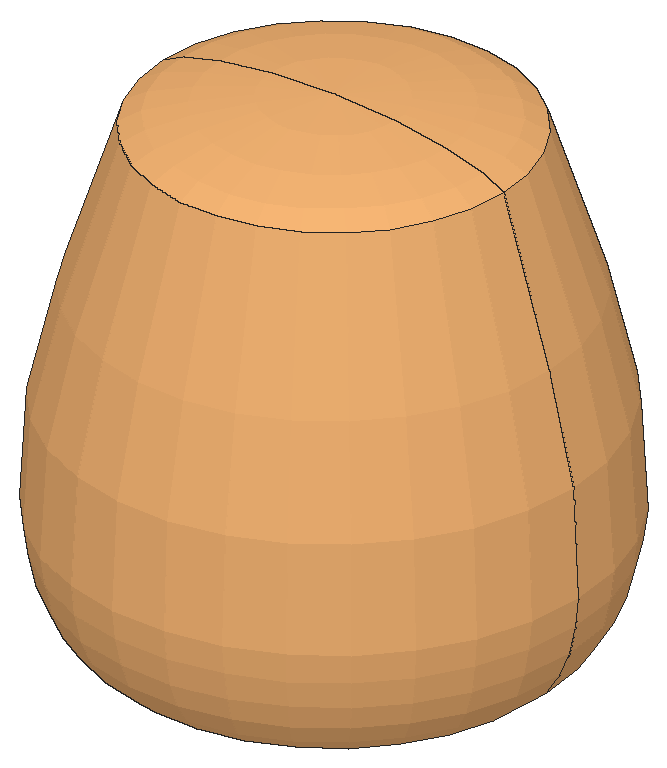
Revit family "Arper_Pix_47_Outdoor_stool_1seat_3028", category Arredi, Revit 2014
Parameters
  URL = "http://www.arper.com"
  Produttore = "ARPER s.p.a."  # constant formula
  Modello = "Pix 47 Outdoor"  # constant formula
  Descrizione = "One seat ottoman. Upholstery in leather,faux leather, fabric or\r\ncustomer's own material. 49 cm diameter and 48 cm height."
  Copyright [instance] = "ARPER s.p.a."  # constant formula
  Arper - Legs material [instance] = Arper - generic glides
  Arper - Cover material [instance] = Arper - generic texture
  Arper - Article code [instance] = "Art.3028"  # constant formula
Reference planes
  plane 1 "Centro (Fronte/Retro)": y = 0
  plane 2: z = 0
  plane 3 "Centro (Sinistra/Destra)": x = 0
Forms (mm)
  Revolve 1, solid, material "Arper - generic texture" <- "Arper - Cover material"
    sketch origin (0, 0, 0) x (1, 0, 0) y (0, 0, 1)
      loop
        line (0, 480.829) -> (0, 20.761) -> (166.636, 20.761)
        spline (166.636, 20.761) -> (197.099, 35.686) -> (217.402, 65.085) -> (229.16, 103.035) -> (233.988, 143.639) -> (233.338, 183.226) -> (228.374, 222.142) -> (220.228, 261.151) -> (210.034, 301.018) -> (198.873, 342.353) -> (187.135, 383.578) -> (174.692, 421.489) -> (161.403, 452.847)
        spline (161.403, 452.847) -> (157.125, 456.017) -> (150.819, 459.25) -> (142.593, 462.48) -> (132.555, 465.644) -> (120.814, 468.677) -> (107.477, 471.515) -> (92.653, 474.092) -> (76.449, 476.346) -> (58.974, 478.211) -> (40.335, 479.623) -> (20.641, 480.517) -> (0, 480.829)
      axis (0, 480.829) -> (0, 20.761)
    angle from 0 to 360
  Extrusion 2, solid, material "Arper - generic glides" <- "Arper - Legs material"
    sketch origin (23.192, -46.515, 0) x (1, 0, 0) y (0, 1, 0)
      loop
        circle (64.048, 46.515) r 17
    from 0 to 25
  Extrusion 3, solid, material "Arper - generic glides" <- "Arper - Legs material"
    sketch origin (-151.199, -46.515, 0) x (1, 0, 0) y (0, 1, 0)
      loop
        circle (64.048, 46.515) r 17
    from 0 to 25
  Extrusion 4, solid, material "Arper - generic glides" <- "Arper - Legs material"
    sketch origin (46.554, 23.159, 0) x (-0.000229, 1, 0) y (-1, -0.000229, 0)
      loop
        circle (64.048, 46.515) r 17
    from 0 to 25
  Extrusion 5, solid, material "Arper - generic glides" <- "Arper - Legs material"
    sketch origin (46.593, -151.233, 0) x (-0.000229, 1, 0) y (-1, -0.000229, 0)
      loop
        circle (64.048, 46.515) r 17
    from 0 to 25
Dimensions and locks
  aligned and locked: level to plane 2
